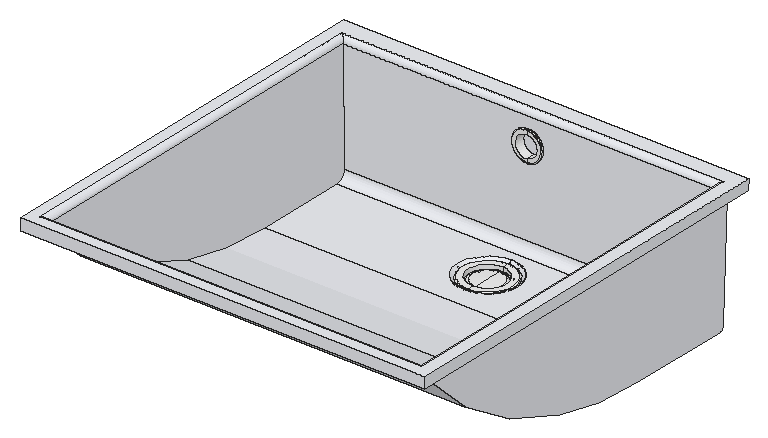
Revit family "Basin-Under Counter-Caroma Liano", category Plumbing Fixtures, host Face, Revit 2014
Parameters (values of type "Liano")
  Width_ANZRS = 430 mm  # constant formula
  Waste Radius [instance] = 30 mm
  Waste Connection = yes
  Waste = Metal-Chrome-Caroma
  WFU = 1
  Vent Connection = no
  URL = "http://www.caroma.com.au"
  Type Comments = "White Only, 9L Capacity, Supplied with Overflow Only, Includes flush-fitting white plug and waste"  # constant formula
  ModifiedIssue_ANZRS = 20140919.01  # constant formula
  Model = "664205W"  # constant formula
  Material_ANZRS = Porcelain-White-Caroma
  Manufacturer = "GWA Bathrooms & Kitchens"  # constant formula
  Length_ANZRS = 430 mm  # constant formula
  HW Connection = no
  Description = "Caroma Liano Under Counter Basin"  # constant formula
  Depth_ANZRS = 175 mm  # constant formula
  Default Elevation = 0 mm
  CreatedBy_ANZRS = "Design Content"  # constant formula
  CreatedByURL_ANZRS = "http://www.designcontent.com.au"
  CW Connection = no
  Bench Thickness = 20 mm
  Assembly Code = "D2010310"
Reference planes
  plane 1 "Center (Front/Back)": y = 0
  plane 2: z = 0
  plane 3 "Center (Left/Right)": x = 0
  plane 4 "Back": y = 215
  plane 5 "Front": y = -215
  plane 6 "Left": x = -215
  plane 7 "Right": x = 215
  plane 8: y = 137.422
  plane 9 "Waste Connector": z = -195
  plane 10 "Under Bench": z = -20
Forms (mm)
  Revolve 1, solid, material "Porcelain-White-Caroma" <- "Material_ANZRS"
    sketch origin (0, 137.422, -162.214) x (0, 1, 0) y (0, 0, 1)
      loop
        line (22.001, -43.662) -> (27.001, -43.662) -> (27.001, -2.788) -> (34.624, 4.835) -> (31.674, 8.956) -> (22.001, -0.717) -> (22.001, -43.662)
      axis (0, -43.662) -> (0, 8.956)
    angle from 0 to 360
  Revolve 2, void
    sketch origin (0, 137.422, -162.214) x (0, 1, 0) y (0, 0, 1)
      loop
        line (22.001, -47) -> (22.001, -0.717) -> (44.529, 21.811) -> (0, 21.811) -> (0, -47) -> (22.001, -47)
      axis (0, -47) -> (0, 21.811)
    angle from 0 to 360
  Revolve 3, solid, material "Metal-Chrome-Caroma" <- "Waste", detail levels fine
    sketch origin (0, 137.422, -150.492) x (0, 1, 0) y (0, 0, 1)
      loop
        line (0, -13.692) -> (12.21, -13.692) -> (21.961, -8.287) -> (21.961, -5.838) -> (27.971, -5.838) -> (27.971, -5.027) -> (26.863, -4.308) -> (20.393, -4.308) -> (20.393, -8.615) -> (12.737, -12.859) -> (12.737, -9.13) -> (18.571, -9.13)
        arc (18.571, -9.13) -> (17.547, -7.846) -> (16.02, -7.244) r 3.183
        arc (16.02, -7.244) -> (8.02, -6.645) -> (0, -6.445) r 161.139
        line (0, -6.445) -> (0, -13.692)
      axis (0, -13.692) -> (0, -4.308)
    angle from 0 to 360
  Extrusion 4, void
    sketch origin (0, 0, -20) x (0, 1, 0) y (-1, 0, 0)
      loop
        arc (195, 190) -> (193.536, 193.536) -> (190, 195) r 5
        line (190, 195) -> (-190, 195)
        arc (-190, 195) -> (-193.536, 193.536) -> (-195, 190) r 5
        line (-195, 190) -> (-195, -190)
        arc (-195, -190) -> (-193.536, -193.536) -> (-190, -195) r 5
        line (-190, -195) -> (190, -195)
        arc (190, -195) -> (193.536, -193.536) -> (195, -190) r 5
        line (195, -190) -> (195, 190)
    from 20 to -175
  Extrusion 5, void
    sketch origin (0, 0, -20) x (0, 1, 0) y (-1, 0, 0)
      loop
        arc (195, 190) -> (193.536, 193.536) -> (190, 195) r 5
        line (190, 195) -> (-190, 195)
        arc (-190, 195) -> (-193.536, 193.536) -> (-195, 190) r 5
        line (-195, 190) -> (-195, -190)
        arc (-195, -190) -> (-193.536, -193.536) -> (-190, -195) r 5
        line (-190, -195) -> (190, -195)
        arc (190, -195) -> (193.536, -193.536) -> (195, -190) r 5
        line (195, -190) -> (195, 190)
    from 20 to -175
  Extrusion 6, solid, material "Porcelain-White-Caroma" <- "Material_ANZRS"
    sketch origin (0, 0, 0) x (0, 1, 0) y (0, 0, 1)
      loop
        arc (192.39, -161.258) -> (195.899, -159.82) -> (197.389, -156.333) r 5
        line (197.389, -156.333) -> (199.252, -32.235) -> (215, -32.235) -> (215, -20) -> (197.346, -20)
        arc (197.346, -20) -> (193.135, -21.726) -> (191.346, -25.91) r 6
        line (191.346, -25.91) -> (189.583, -143.408)
        arc (189.583, -143.408) -> (186.601, -150.382) -> (179.584, -153.258) r 10
        line (179.584, -153.258) -> (84.568, -153.258)
        arc (84.568, -153.258) -> (33.003, -149.691) -> (-17.58, -139.057) r 374.488
        arc (-17.58, -139.057) -> (-117.097, -94.118) -> (-199.191, -22.121) r 370.502
        arc (-199.191, -22.121) -> (-201.246, -20.556) -> (-203.769, -20) r 6
        line (-203.769, -20) -> (-215, -20) -> (-215, -31.921) -> (-201.308, -31.921)
        arc (-201.308, -31.921) -> (-118.853, -102.487) -> (-19.762, -146.754) r 378.502
        arc (-19.762, -146.754) -> (31.901, -157.614) -> (84.568, -161.258) r 382.488
        line (84.568, -161.258) -> (192.39, -161.258)
    from 215 to -215
  Extrusion 7, solid, material "Porcelain-White-Caroma" <- "Material_ANZRS"
    sketch origin (0, 0, 0) x (1, 0, 0) y (0, 0, 1)
      loop
        line (-205.002, -31.921) -> (-201.564, -195) -> (-193.562, -195) -> (-197.127, -25.874)
        arc (-197.127, -25.874) -> (-198.928, -21.713) -> (-203.126, -20) r 6
        line (-203.126, -20) -> (-215, -20) -> (-215, -31.921) -> (-205.002, -31.921)
      loop
        line (205.002, -31.921) -> (215, -31.921) -> (215, -20) -> (203.126, -20)
        arc (203.126, -20) -> (198.928, -21.713) -> (197.127, -25.874) r 6
        line (197.127, -25.874) -> (193.562, -195) -> (201.564, -195) -> (205.002, -31.921)
    from 215 to -215
  Extrusion 8, void
    sketch origin (0, 0, 0) x (0, 1, 0) y (0, 0, 1)
      loop
        line (192.39, -161.258) -> (84.568, -161.258)
        arc (84.568, -161.258) -> (31.901, -157.614) -> (-19.762, -146.754) r 382.488
        arc (-19.762, -146.754) -> (-118.853, -102.487) -> (-201.308, -31.921) r 378.502
        line (-201.308, -31.921) -> (-215, -31.921) -> (-215, -195) -> (215, -195) -> (215, -32.235) -> (199.252, -32.235) -> (197.389, -156.333)
        arc (197.389, -156.333) -> (195.899, -159.82) -> (192.39, -161.258) r 5
    from 215 to -215
  Extrusion 9, void
    sketch origin (0, 0, 0) x (1, 0, 0) y (0, 0, 1)
      loop
        line (-205.002, -31.921) -> (-215, -31.921) -> (-215, -195) -> (-201.564, -195) -> (-205.002, -31.921)
      loop
        line (205.002, -31.921) -> (201.564, -195) -> (215, -195) -> (215, -31.921) -> (205.002, -31.921)
    from 215 to -215
  Extrusion 10, solid, material "Porcelain-White-Caroma" <- "Material_ANZRS"
    sketch origin (0, 0, 0) x (0, 1, 0) y (0, 0, 1)
      loop
        line (215, -31.921) -> (199.257, -31.921) -> (197.389, -156.333)
        arc (197.389, -156.333) -> (195.899, -159.82) -> (192.39, -161.258) r 5
        line (192.39, -161.258) -> (162.422, -161.258) -> (162.422, -191.941) -> (196.02, -184.184)
        arc (196.02, -184.184) -> (207.907, -176.756) -> (212.702, -163.583) r 21.528
        line (212.702, -163.583) -> (215, -31.921)
    from 30 to -30
  Revolve 11, solid, material "Metal-Chrome-Caroma" <- "Waste", detail levels fine
    sketch origin (0, 73.211, -100.93) x (0, 0.991851, 0.127403) y (0, -0.127403, 0.991851)
      loop
        line (132.908, 43.795) -> (124.596, 44.963) -> (125.025, 48.013) -> (124.109, 48.142) -> (123.074, 47.363) -> (122.532, 43.502) -> (132.667, 42.077) -> (132.908, 43.795)
      axis (131.073, 30.739) -> (120.938, 32.163)
    angle from 0 to 360
  Revolve 12, void
    sketch origin (0, 69.73, -103.482) x (0, 0.991851, 0.127403) y (0, -0.127403, 0.991851)
      loop
        line (139.108, 45.746) -> (123.853, 47.89) -> (121.99, 34.634) -> (137.245, 32.49) -> (139.108, 45.746)
      axis (137.245, 32.49) -> (121.99, 34.634)
    angle from 0 to 360
Cuts and joins
  Revolve 2, Extrusion 9, Revolve 12 cuts Extrusion 6
  Extrusion 8 cuts Extrusion 7
  joined: Extrusion 6, Extrusion 7
Lines and regions (mm)
  Masking region 1
    outline origin (0, 0, -20) x (0, 1, 0) y (-1, 0, 0)
      loop
        arc (192.5, 187.518) -> (191.036, 191.053) -> (187.5, 192.518) r 5
        line (187.5, 192.518) -> (-187.5, 192.518)
        arc (-187.5, 192.518) -> (-191.036, 191.053) -> (-192.5, 187.518) r 5
        line (-192.5, 187.518) -> (-192.5, -187.478)
        arc (-192.5, -187.478) -> (-191.036, -191.013) -> (-187.5, -192.478) r 5
        line (-187.5, -192.478) -> (187.5, -192.478)
        arc (187.5, -192.478) -> (191.036, -191.013) -> (192.5, -187.478) r 5
        line (192.5, -187.478) -> (192.5, 187.518)
  symbolic lines, style "Waste Outlets"
    curve 1: circle (0, 137.422, -20) r 27.971 normal (0, 0, 1)
    curve 2: circle (0, 137.422, -20) r 40 normal (0, 0, 1)
  symbolic lines, style "Basins/Sinks/Tubs"
    curve 3: spline (-16.517, 184.484, -20) -> (-15.954, 185.778, -20) -> (-14.304, 186.984, -20) -> (-11.679, 188.019, -20) -> (-8.258, 188.814, -20) -> (-4.275, 189.314, -20) -> (0, 189.484, -20) -> (4.275, 189.314, -20) -> (8.258, 188.814, -20) -> (11.679, 188.019, -20) -> (14.304, 186.984, -20) -> (15.954, 185.778, -20) -> (16.517, 184.484, -20) -> (15.954, 183.19, -20) -> (14.304, 181.984, -20) -> (11.679, 180.948, -20) -> (8.258, 180.154, -20) -> (4.275, 179.654, -20) -> (0, 179.484, -20) -> (-4.275, 179.654, -20) -> (-8.258, 180.154, -20) -> (-11.679, 180.948, -20) -> (-14.304, 181.984, -20) -> (-15.954, 183.19, -20) -> (-16.517, 184.484, -20)
    curve 4: spline (14.999, 186.578, -20) -> (13.425, 185.759, -20) -> (11.368, 185.045, -20) -> (8.904, 184.46, -20) -> (6.12, 184.028, -20) -> (3.116, 183.761, -20) -> (0, 183.672, -20) -> (-3.116, 183.761, -20) -> (-6.12, 184.028, -20) -> (-8.904, 184.46, -20) -> (-11.368, 185.045, -20) -> (-13.425, 185.759, -20) -> (-14.999, 186.578, -20)
  symbolic lines, style "PlumbingFixturesHiddenLines"
    curve 5: arc (-202.658, 0, -143.112) -> (-198.455, 0, -153.212) -> (-188.511, 0, -157.772) r 15
    curve 6: line (-45.637, 0, -166) -> (-188.511, 0, -157.772)
    curve 7: arc (-36.661, 0, -175.504) -> (-39.755, 0, -168.756) -> (-46.649, 0, -166) r 10
    curve 8: line (-35.692, 0, -195) -> (-36.661, 0, -175.504)
    curve 9: line (215, 0, -31.921) -> (-215, 0, -31.921)
    curve 10: line (-215, 0, -31.921) -> (-215, 0, -20)
    curve 11: line (-215, 0, -20) -> (215, 0, -20)
    curve 12: line (215, 0, -20) -> (215, 0, -31.921)
    curve 13: line (-202.658, 0, -143.112) -> (-205.002, 0, -31.921)
    curve 14: arc (202.658, 0, -143.112) -> (198.455, 0, -153.212) -> (188.511, 0, -157.772) r 15
    curve 15: line (45.637, 0, -166) -> (188.511, 0, -157.772)
    curve 16: arc (36.661, 0, -175.504) -> (39.755, 0, -168.756) -> (46.649, 0, -166) r 10
    curve 17: line (35.692, 0, -195) -> (36.661, 0, -175.504)
    curve 18: line (202.658, 0, -143.112) -> (205.002, 0, -31.921)
    curve 19: line (35.692, 0, -195) -> (-35.692, 0, -195)
    curve 20: line (0, 215, -20) -> (0, -215, -20)
    curve 21: line (0, -215, -20) -> (0, -215, -31.921)
    curve 22: line (0, -215, -31.921) -> (0, 215, -31.921)
    curve 23: line (0, 215, -31.921) -> (0, 215, -20)
    curve 24: line (0, 215, -31.921) -> (0, 213, -165.117)
    curve 25: arc (0, 194.968, -184.536) -> (0, 207.149, -177.765) -> (0, 213, -165.117) r 22.485
    curve 26: line (0, 173.978, -188.621) -> (0, 194.968, -184.536)
    curve 27: line (0, 173.978, -195) -> (0, 173.978, -188.621)
    curve 28: line (0, 101.978, -195) -> (0, 101.978, -188.72)
    curve 29: line (0, 101.978, -188.72) -> (0, 100.538, -159.747)
    curve 30: arc (0, -201.326, -31.921) -> (0, -64.035, -128.048) -> (0, 100.538, -159.747) r 401.467
    curve 31: line (0, 101.978, -195) -> (0, 173.978, -195)
Dimensions and locks
  equal spacing: plane 6 "Left", plane 3 "Center (Left/Right)", plane 7 "Right"
  "Length_ANZRS": plane 6 "Left" to plane 7 "Right"
  equal spacing: plane 4 "Back", plane 1 "Center (Front/Back)", plane 5 "Front"
  "Width_ANZRS": plane 5 "Front" to plane 4 "Back"
  plane 4 "Back" to plane 8 = 77.578 mm
  "Bench Thickness": level to plane 10 "Under Bench"
  "Depth_ANZRS": plane 10 "Under Bench" to plane 9 "Waste Connector"
  Revolve 3 sketch curve to Revolve 3 sketch curve to plane 9 "Waste Connector" = 9.384 mm locked, 30.816 mm
  plane 10 "Under Bench" to Extrusion 6 sketch curve to Extrusion 6 sketch curve to Extrusion 6 sketch curve to Extrusion 6 sketch curve = 11.921 mm locked, 0.313 mm locked, 121.023 mm locked, 8 mm locked
  plane 10 "Under Bench" to Extrusion 10 sketch curve to Extrusion 10 sketch curve to Extrusion 10 sketch curve to Extrusion 10 sketch curve = 11.921 mm locked, 129.336 mm locked, 22.926 mm locked, 7.757 mm locked
  plane 10 "Under Bench" to Extrusion 7 sketch curve to Extrusion 7 sketch curve to Extrusion 7 sketch curve to Extrusion 7 sketch curve = 11.921 mm locked, 0 mm locked, 163.079 mm locked, 0 mm locked
  plane 10 "Under Bench" to Extrusion 9 sketch curve to Extrusion 9 sketch curve to Extrusion 9 sketch curve to Extrusion 9 sketch curve = 11.921 mm locked, 0 mm locked, 163.079 mm locked, 0 mm locked
  plane 10 "Under Bench" to Extrusion 8 sketch curve to Extrusion 8 sketch curve to Extrusion 8 sketch curve to Extrusion 8 sketch curve to Extrusion 8 sketch curve to Extrusion 8 sketch curve to Extrusion 8 sketch curve = 11.921 mm locked, 0.313 mm locked, 114.519 mm locked, 9.579 mm locked, 4.925 mm locked, 0 mm locked, 33.742 mm locked
  aligned and locked: plane 2 to host face
  aligned and locked: level to host face
  aligned and locked: level to Extrusion 4
  aligned and locked: Extrusion 4 to plane 9 "Waste Connector"
  aligned and locked: Extrusion 5 to plane 9 "Waste Connector"
  aligned and locked: level to Extrusion 5
  aligned and locked: plane 10 "Under Bench" to Extrusion 6 sketch curve  (x2)
  aligned and locked: Extrusion 7 sketch curve to plane 10 "Under Bench"
  aligned and locked: plane 10 "Under Bench" to Extrusion 7 sketch curve
Automatic sketch dimensions
  host sketch curve to host sketch curve = 2438.4 mm  (x2)
  Extrusion 4 sketch curve to plane 5 "Front" = 20 mm
  Extrusion 4 sketch curve to Extrusion 4 sketch curve = 5 mm  (x2)
  Extrusion 4 sketch curve to plane 4 "Back" = 25 mm  (x2)
  Extrusion 4 sketch curve to plane 7 "Right" = 20 mm
  Extrusion 4 sketch curve to plane 4 "Back" = 20 mm
  Extrusion 4 sketch curve to plane 6 "Left" = 25 mm
  curve 1 to curve 2 = 0 mm  (x2)
  curve 2 to plane 1 "Center (Front/Back)" = 137.422 mm
  curve 3 to plane 3 "Center (Left/Right)" = 0 mm
  curve 4 to plane 3 "Center (Left/Right)" = 0 mm
  curve 2 to plane 3 "Center (Left/Right)" = 0 mm
  curve 3 to plane 4 "Back" = 30.516 mm
  curve 3 to curve 4 = 2.094 mm
  curve 4 to curve 4 = 2.094 mm
  plane 3 "Center (Left/Right)" to curve 4 = 14.999 mm
  curve 4 to curve 4 = 1.518 mm
  curve 4 to curve 3 = 1.518 mm
  Masking region 1 sketch curve to Masking region 1 sketch curve = 5 mm  (x3)
  plane 8 to Masking region 1 sketch curve = 50.078 mm  (x2)
  Masking region 1 sketch curve to plane 7 "Right" = 22.522 mm
  Masking region 1 sketch curve to plane 6 "Left" = 27.482 mm
  Masking region 1 sketch curve to plane 5 "Front" = 27.5 mm
  Extrusion 6 sketch curve to Extrusion 6 sketch curve = 0 mm  (x6)
  Extrusion 6 sketch curve to plane 5 "Front" = 0 mm
  Extrusion 6 sketch curve to plane 4 "Back" = 0 mm
  Extrusion 6 sketch curve to Extrusion 6 sketch curve = 11.231 mm
  Extrusion 6 sketch curve to plane 8 = 53.941 mm
  Extrusion 6 sketch curve to plane 1 "Center (Front/Back)" = 84.568 mm
  Extrusion 6 sketch curve to plane 4 "Back" = 35.416 mm
  Extrusion 6 sketch curve to Extrusion 6 sketch curve = 9.999 mm
  Extrusion 6 sketch curve to plane 10 "Under Bench" = 5.91 mm
  Extrusion 6 sketch curve to plane 4 "Back" = 23.654 mm
  Extrusion 6 sketch curve to Extrusion 6 sketch curve = 12.806 mm
  Extrusion 6 sketch curve to Extrusion 6 sketch curve = 5.999 mm
  Extrusion 6 sketch curve to Extrusion 6 sketch curve = 1.907 mm
  Extrusion 6 sketch curve to Extrusion 6 sketch curve = 3 mm
  Extrusion 6 sketch curve to Extrusion 6 sketch curve = 0.075 mm
  Extrusion 6 sketch curve to Extrusion 6 sketch curve = 12.85 mm
  Extrusion 6 sketch curve to Extrusion 6 sketch curve = 6 mm
  Extrusion 6 sketch curve to Extrusion 6 sketch curve = 3.835 mm
  Extrusion 6 sketch curve to Extrusion 6 sketch curve = 2.46 mm
  Extrusion 8 sketch curve to plane 4 "Back" = 0 mm
  Extrusion 8 sketch curve to Extrusion 8 sketch curve = 13.692 mm
  Extrusion 8 sketch curve to plane 8 = 53.941 mm
  Extrusion 8 sketch curve to plane 1 "Center (Front/Back)" = 84.568 mm
  Extrusion 8 sketch curve to plane 4 "Back" = 22.61 mm
  Extrusion 8 sketch curve to Extrusion 8 sketch curve = 4.999 mm
  Extrusion 8 sketch curve to plane 4 "Back" = 15.748 mm
  Extrusion 8 sketch curve to Extrusion 8 sketch curve = 3.835 mm
  Extrusion 8 sketch curve to plane 5 "Front" = 0 mm
  plane 6 "Left" to Extrusion 7 sketch curve = 0 mm
  Extrusion 7 sketch curve to plane 7 "Right" = 0 mm
  Extrusion 7 sketch curve to Extrusion 7 sketch curve = 9.998 mm
  Extrusion 7 sketch curve to Extrusion 7 sketch curve = 11.874 mm  (x2)
  Extrusion 7 sketch curve to plane 6 "Left" = 13.436 mm
  Extrusion 7 sketch curve to plane 10 "Under Bench" = 5.874 mm  (x2)
  Extrusion 7 sketch curve to Extrusion 7 sketch curve = 8.002 mm  (x2)
  Extrusion 7 sketch curve to plane 7 "Right" = 21.438 mm
  Extrusion 7 sketch curve to Extrusion 7 sketch curve = 1.876 mm
  Extrusion 7 sketch curve to Extrusion 7 sketch curve = 5.921 mm
  Extrusion 7 sketch curve to plane 10 "Under Bench" = 6 mm
  Extrusion 9 sketch curve to Extrusion 9 sketch curve = 9.998 mm  (x2)
  Extrusion 9 sketch curve to plane 6 "Left" = 0 mm
  Extrusion 9 sketch curve to Extrusion 9 sketch curve = 13.436 mm  (x2)
  Extrusion 9 sketch curve to plane 7 "Right" = 0 mm
  Extrusion 5 sketch curve to plane 5 "Front" = 20 mm
  Extrusion 5 sketch curve to Extrusion 5 sketch curve = 5 mm  (x3)
  Extrusion 5 sketch curve to plane 4 "Back" = 25 mm  (x2)
  Extrusion 5 sketch curve to plane 7 "Right" = 20 mm
  Extrusion 5 sketch curve to plane 6 "Left" = 25 mm
  Extrusion 10 sketch curve to plane 4 "Back" = 0 mm
  Extrusion 10 sketch curve to plane 4 "Back" = 2.298 mm
  Extrusion 10 sketch curve to Extrusion 10 sketch curve = 15.743 mm
  Extrusion 10 sketch curve to Extrusion 10 sketch curve = 15.312 mm
  Extrusion 10 sketch curve to plane 4 "Back" = 18.98 mm
  Extrusion 10 sketch curve to Extrusion 10 sketch curve = 4.999 mm
  Extrusion 10 sketch curve to Extrusion 10 sketch curve = 1.213 mm
  plane 8 to Extrusion 10 sketch curve = 25 mm
  Extrusion 10 sketch curve to Extrusion 10 sketch curve = 2.326 mm
  Extrusion 10 sketch curve to Extrusion 10 sketch curve = 4.925 mm
  Revolve 11 sketch curve to plane 4 "Back" = 25.797 mm
  Revolve 11 sketch curve to plane 10 "Under Bench" = 22.171 mm
  Revolve 11 sketch curve to Revolve 11 sketch curve = 0.543 mm
  Revolve 11 sketch curve to Revolve 11 sketch curve = 1.034 mm
  Revolve 11 sketch curve to Revolve 11 sketch curve = 2.065 mm
  Revolve 11 sketch curve to Revolve 11 sketch curve = 0.916 mm
  Revolve 11 sketch curve to Revolve 11 sketch curve = 8.07 mm
  Revolve 11 sketch curve to Revolve 11 sketch curve = 0.241 mm
  Revolve 11 sketch curve to Revolve 11 sketch curve = 1.424 mm
  Revolve 11 sketch curve to Revolve 11 sketch curve = 4.255 mm
  Revolve 11 sketch curve to Revolve 11 sketch curve = 1.594 mm
  Revolve 11 sketch curve to Revolve 11 sketch curve = 10.965 mm
  Revolve 11 sketch curve to Revolve 11 sketch curve = 11.339 mm
  Revolve 12 sketch curve to plane 4 "Back" = 28.687 mm
  Revolve 12 sketch curve to plane 10 "Under Bench" = 33.588 mm
  Revolve 12 sketch curve to Revolve 12 sketch curve = 1.863 mm
  Revolve 12 sketch curve to Revolve 12 sketch curve = 15.255 mm
  Revolve 12 sketch curve to Revolve 12 sketch curve = 2.144 mm
  Revolve 12 sketch curve to Revolve 12 sketch curve = 3.473 mm
  Revolve 12 sketch curve to Revolve 12 sketch curve = 8.987 mm
  Revolve 12 sketch curve to Revolve 12 sketch curve = 0.488 mm
  Revolve 12 sketch curve to Revolve 12 sketch curve = 1.263 mm
  Revolve 1 sketch curve to plane 8 = 0 mm
  plane 8 to Revolve 1 sketch curve = 22.001 mm
  Revolve 1 sketch curve to Revolve 1 sketch curve = 5 mm
  Revolve 1 sketch curve to Revolve 1 sketch curve = 4.674 mm
  Revolve 1 sketch curve to Revolve 1 sketch curve = 2.95 mm
  Revolve 1 sketch curve to plane 9 "Waste Connector" = 10.876 mm
  plane 9 "Waste Connector" to Revolve 1 sketch curve = 29.998 mm
  Revolve 1 sketch curve to Revolve 1 sketch curve = 2.071 mm
  Revolve 1 sketch curve to Revolve 1 sketch curve = 7.623 mm
  Revolve 1 sketch curve to Revolve 1 sketch curve = 4.121 mm
  Revolve 1 sketch curve to plane 9 "Waste Connector" = 14.214 mm
  Revolve 1 sketch curve to Revolve 1 sketch curve = 10.471 mm
  Revolve 2 sketch curve to plane 8 = 0 mm  (x2)
  plane 8 to Revolve 2 sketch curve = 22.001 mm
  Revolve 2 sketch curve to Revolve 2 sketch curve = 22.528 mm  (x2)
  Revolve 2 sketch curve to plane 9 "Waste Connector" = 14.214 mm
  plane 9 "Waste Connector" to Revolve 2 sketch curve = 32.069 mm
  Revolve 2 sketch curve to Revolve 2 sketch curve = 0 mm
  Revolve 2 sketch curve to Revolve 2 sketch curve = 12.057 mm
  Revolve 3 sketch curve to plane 8 = 0 mm  (x2)
  Revolve 3 sketch curve to Revolve 3 sketch curve = 12.21 mm
  Revolve 3 sketch curve to Revolve 3 sketch curve = 0.528 mm
  Revolve 3 sketch curve to Revolve 3 sketch curve = 2.918 mm
  Revolve 3 sketch curve to Revolve 3 sketch curve = 2.916 mm
  Revolve 3 sketch curve to Revolve 3 sketch curve = 1.822 mm
  Revolve 3 sketch curve to Revolve 3 sketch curve = 1.568 mm
  Revolve 3 sketch curve to Revolve 3 sketch curve = 4.902 mm
  Revolve 3 sketch curve to Revolve 3 sketch curve = 1.107 mm
  Revolve 3 sketch curve to plane 9 "Waste Connector" = 123.077 mm
  Revolve 3 sketch curve to Revolve 3 sketch curve = 0.833 mm
  Revolve 3 sketch curve to Revolve 3 sketch curve = 2.453 mm
  Revolve 3 sketch curve to Revolve 3 sketch curve = 1.276 mm
  Revolve 3 sketch curve to Revolve 3 sketch curve = 0.515 mm
  Revolve 3 sketch curve to Revolve 3 sketch curve = 0.328 mm
  Revolve 3 sketch curve to Revolve 3 sketch curve = 7.247 mm
  Revolve 3 sketch curve to Revolve 3 sketch curve = 1.53 mm
  Revolve 3 sketch curve to Revolve 3 sketch curve = 0.811 mm
  Revolve 3 sketch curve to Revolve 3 sketch curve = 0 mm  (x2)
  plane 6 "Left" to curve 9 = 0 mm
  curve 8 to plane 9 "Waste Connector" = 0 mm
  curve 11 to plane 7 "Right" = 0 mm
  curve 11 to plane 10 "Under Bench" = 0 mm
  curve 13 to plane 6 "Left" = 12.342 mm
  curve 5 to curve 6 = 14.147 mm
  curve 5 to curve 5 = 0.85 mm
  plane 9 "Waste Connector" to curve 7 = 19 mm
  curve 7 to plane 3 "Center (Left/Right)" = 46.649 mm
  curve 7 to curve 8 = 9.988 mm
  curve 8 to curve 8 = 0.969 mm
  plane 3 "Center (Left/Right)" to curve 17 = 35.692 mm
  curve 17 to curve 17 = 0.969 mm
  curve 17 to curve 16 = 9.988 mm
  curve 14 to plane 7 "Right" = 27.339 mm
  curve 14 to curve 15 = 0.85 mm
  curve 18 to plane 7 "Right" = 12.342 mm
  plane 9 "Waste Connector" to curve 16 = 19 mm
  curve 16 to curve 17 = 0.496 mm
  curve 7 to curve 8 = 0.496 mm
  plane 9 "Waste Connector" to curve 6 = 37.228 mm
  plane 9 "Waste Connector" to curve 15 = 37.228 mm
  curve 14 to curve 18 = 14.66 mm
  curve 5 to curve 13 = 14.66 mm
  curve 9 to plane 10 "Under Bench" = 11.921 mm
  curve 9 to curve 13 = 9.998 mm
  curve 7 to curve 6 = 1.012 mm
  curve 15 to curve 16 = 1.012 mm
  curve 18 to plane 7 "Right" = 9.998 mm
  curve 15 to curve 16 = 0 mm
  curve 6 to curve 7 = 0 mm
  curve 20 to plane 5 "Front" = 0 mm
  curve 31 to plane 9 "Waste Connector" = 0 mm
  curve 24 to plane 4 "Back" = 0 mm
  curve 20 to plane 10 "Under Bench" = 0 mm
  curve 30 to plane 8 = 44.911 mm
  plane 9 "Waste Connector" to curve 29 = 35.253 mm
  plane 9 "Waste Connector" to curve 29 = 6.28 mm
  plane 9 "Waste Connector" to curve 26 = 6.379 mm
  plane 8 to curve 26 = 36.556 mm
  curve 26 to plane 4 "Back" = 20.032 mm
  curve 24 to plane 4 "Back" = 2 mm
  plane 9 "Waste Connector" to curve 26 = 10.464 mm
  curve 25 to curve 24 = 19.418 mm
  curve 26 to curve 25 = 22.071 mm
  curve 21 to plane 10 "Under Bench" = 11.921 mm
  curve 21 to curve 30 = 13.674 mm
  curve 29 to plane 8 = 36.884 mm
  curve 29 to curve 31 = 1.44 mm
  radius of curve 1 = 27.971 mm
  radius of curve 2 = 40 mm
Connectors
  piping at (0, 137.422, -205.876), diameter 60, driven by "Waste Radius", driven by "WFU"
    settings: on Revolve 1, index 1, connector inside diameter 2.3622", connector length 0 mm, flow factor 0, pipe flow 0 GPM, pressure drop 0.00 psi, fitting loss kfactor 0, connector angle 0.00°, fixture units 1, engagement length 0 mm, angle of deflection 0.00°, flow configuration 3, flow direction 2, fitting loss method 101, system type 16, joint type 0, gender type 0, connector reference index -1, connector utility 0, adjustable connector no, is connector primary yes, connector description "Outlet"
